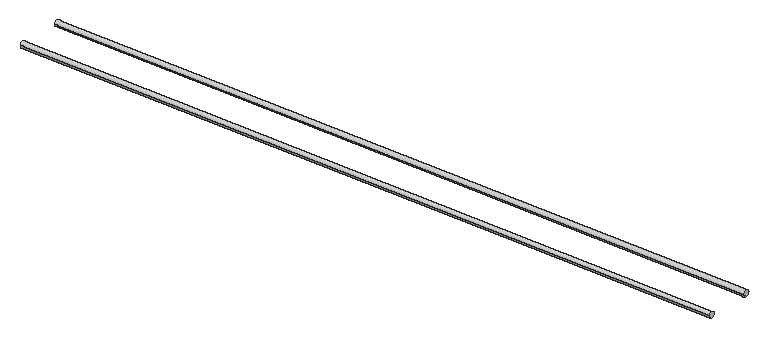
Revit family "BRU_Арматурные перемычки", category Каркас несущий, Revit 2021
Family settings
  Округление длины несущего каркаса = 0 мм
  Форма сечения = Не задано
  Материал для поведения модели = Прочее
  Всегда экспортировать в виде геометрии = Нет
  На основе рабочей плоскости = Нет
  Всегда вертикально = Да
  При загрузке вырезать с полостями = Нет
  Условное обозначение = Из семейства
  Общий = Да
  Показывать семейство разрезанным на планах = Да
Parameters (values of type "Для копирования")
  Ширина = 120 mm
  Шаг стержней = 50 mm
  Описание = "Арматурные стержни"
  Область видимости_По высоте вниз [instance] = 1200 mm
  Количество перемычек = 2
  Код по классификатору = "2.06.023.173"
  Длина = 800 mm
  Материал несущих конструкций = Сталь
  Группа модели = "Перемычка"  # constant formula
  Изготовитель = "ГОСТ 948-84 (2002)"
  ADSK_Масса = 16
  6ПР.Видимость = Количество перемычек > 5  # no
  6ПР = Перемычки_Арматура (ГОСТ 34028-2016) : А500С ∅6
  5ПР.Видимость = Количество перемычек > 4  # no
  5ПР = Перемычки_Арматура (ГОСТ 34028-2016) : А500С ∅6
  4ПР.Видимость = Количество перемычек > 3  # no
  4ПР = Перемычки_Арматура (ГОСТ 34028-2016) : А500С ∅6
  3ПР.Видимость = Количество перемычек > 2  # no
  3ПР = Перемычки_Арматура (ГОСТ 34028-2016) : А500С ∅6
  2ПР.Видимость = Количество перемычек > 1  # yes
  2ПР = Перемычки_Арматура (ГОСТ 34028-2016) : А500С ∅6
  1ПР.Видимость = Количество перемычек > 0  # yes
  1ПР = Перемычки_Арматура (ГОСТ 34028-2016) : А500С ∅6
Reference planes
  plane 1 "Center (Front/Back)": y = 0
  plane 2 "Нижняя грань": z = 0
  plane 3 "Center (Left/Right)": x = 0
  plane 4 "Левый край": x = -400
  plane 5 "Правый край": x = 400
  plane 6 "Внутренняя грань": y = -120
  plane 7: y = -60
  plane 8 "1ПР": y = -50
  plane 9 "2ПР": y = -100
  plane 10 "3ПР": y = -150
  plane 11 "4ПР": y = -200
  plane 12 "5ПР": y = -250
  plane 13 "6ПР": y = -300
Lines and regions (mm)
  model lines, style "InvisibleLines"
    curve 1: line (0, 0, 0) -> (0, 0, -1200)
Dimensions and locks
  "Ширина": plane 6 "Внутренняя грань" to plane 1 "Center (Front/Back)"
  equal spacing: plane 4 "Левый край", plane 3 "Center (Left/Right)", plane 5 "Правый край"
  "Длина": plane 4 "Левый край" to plane 5 "Правый край"
  equal spacing: plane 1 "Center (Front/Back)", plane 7, plane 6 "Внутренняя грань"
  "Область видимости_По высоте вниз": curve 1 to level
  "Шаг стержней": plane 8 "1ПР" to plane 1 "Center (Front/Back)"
  "Шаг стержней": plane 8 "1ПР" to plane 9 "2ПР"
  "Шаг стержней": plane 9 "2ПР" to plane 10 "3ПР"
  "Шаг стержней": plane 10 "3ПР" to plane 11 "4ПР"
  "Шаг стержней": plane 11 "4ПР" to plane 12 "5ПР"
  "Шаг стержней": plane 12 "5ПР" to plane 13 "6ПР"
  aligned and locked: level to plane 2 "Нижняя грань"
  aligned and locked: curve 1 to plane 3 "Center (Left/Right)"
  aligned and locked: plane 2 "Нижняя грань" to curve 1
  aligned and locked: plane 4 "Левый край" to nested 1
  aligned and locked: plane 5 "Правый край" to nested 1
  aligned and locked: nested 1 to plane 8 "1ПР"
  aligned and locked: nested 2 to plane 9 "2ПР"
  aligned and locked: nested 3 to plane 11 "4ПР"
  aligned and locked: nested 4 to plane 12 "5ПР"
  aligned and locked: nested 5 to plane 13 "6ПР"
  aligned and locked: nested 6 to plane 10 "3ПР"
  aligned and locked: plane 4 "Левый край" to nested 2
  aligned and locked: plane 4 "Левый край" to nested 6
  aligned and locked: plane 4 "Левый край" to nested 3
  aligned and locked: plane 4 "Левый край" to nested 4
  aligned and locked: plane 4 "Левый край" to nested 5
  aligned and locked: plane 5 "Правый край" to nested 5
  aligned and locked: plane 5 "Правый край" to nested 4
  aligned and locked: plane 5 "Правый край" to nested 3
  aligned and locked: plane 5 "Правый край" to nested 6
  aligned and locked: plane 5 "Правый край" to nested 2
Nested families
  nested 1: "Перемычки_Арматура (ГОСТ 34028-2016)" at (0, -50, 0), type <- "1ПР", visible <- "1ПР.Видимость", type "А500С ∅6"
    with О_Масса 0.1776 kg, О_Длина 800 mm, ADSK_Размер_Длина 800 mm
  nested 2: "Перемычки_Арматура (ГОСТ 34028-2016)" at (0, -100, 0), type <- "2ПР", visible <- "2ПР.Видимость", type "А500С ∅6"
    with О_Масса 0.1776 kg, О_Длина 800 mm, ADSK_Размер_Длина 800 mm
  nested 3: "Перемычки_Арматура (ГОСТ 34028-2016)" at (0, -200, 0), type <- "4ПР", visible <- "4ПР.Видимость", type "А500С ∅6"
    with О_Масса 0.1776 kg, О_Длина 800 mm, ADSK_Размер_Длина 800 mm
  nested 4: "Перемычки_Арматура (ГОСТ 34028-2016)" at (0, -250, 0), type <- "5ПР", visible <- "5ПР.Видимость", type "А500С ∅6"
    with О_Масса 0.1776 kg, О_Длина 800 mm, ADSK_Размер_Длина 800 mm
  nested 5: "Перемычки_Арматура (ГОСТ 34028-2016)" at (0, -300, 0), type <- "6ПР", visible <- "6ПР.Видимость", type "А500С ∅6"
    with О_Масса 0.1776 kg, О_Длина 800 mm, ADSK_Размер_Длина 800 mm
  nested 6: "Перемычки_Арматура (ГОСТ 34028-2016)" at (0, -150, 0), type <- "3ПР", visible <- "3ПР.Видимость", type "А500С ∅6"
    with О_Масса 0.1776 kg, О_Длина 800 mm, ADSK_Размер_Длина 800 mm
Definition of nested family "Перемычки_Арматура (ГОСТ 34028-2016)"
  Parameters (values of type "А500С ∅10")
    Площадь сечения = pi() * (Диаметр ^ 2) / 4  # 0.00007854 m²
    Description = ""
    О_Примечание = ""
    О_Обозначение = "ГОСТ 34028-2016"  # constant formula
    О_Наименование = "А500С ∅10"
    О_Масса [instance] = Масса 1 м профиля * О_Длина  # 0.7404 kg
    О_Длина [instance] = 1200 mm
    Масса 1 м профиля = 0.617 kg/m
    Type Comments = "Арматурные стержни"  # constant formula
    Assembly Code = ""
    Диаметр условного обозначения = if(Диаметр < 20 mm, 20 mm, Диаметр)  # 20 mm
    Диаметр = 10 mm
    Model = "Элементы перемычек"  # constant formula
    ADSK_Размер_Длина [instance] = О_Длина  # 1200 mm
  Types (14, lengths in mm): name | Площадь сечения | Description | О_Наименование | О_Масса | Масса 1 м профиля | Диаметр условного обозначения | Диаметр
    А500С ∅6 | 0.000028274 m² | "6-АIII" | "А500С ∅6" | 0.2664 kg | 0.222 kg/m | 20 | 6
    А500С ∅8 | 0.000050265 m² | "8-АIII" | "А500С ∅8" | 0.474 kg | 0.395 kg/m | 20 | 8
    А500С ∅10 | 0.00007854 m² | "" | "А500С ∅10" | 0.7404 kg | 0.617 kg/m | 20 | 10
    А500С ∅12 | 0.000113097 m² | "" | "А500С ∅12" | 1.0656 kg | 0.888 kg/m | 20 | 12
    А500С ∅14 | 0.000153938 m² | "14-АIII" | "А500С ∅14" | 1.4496 kg | 1.208 kg/m | 20 | 14
    А500С ∅16 | 0.000201062 m² | "16-АIII" | "А500С ∅16" | 1.8936 kg | 1.578 kg/m | 20 | 16
    А500С ∅18 | 0.000254469 m² | "18-АIII" | "А500С ∅18" | 2.3976 kg | 1.998 kg/m | 20 | 18
    А500С ∅20 | 0.000314159 m² | "20-АIII" | "А500С ∅20" | 2.9592 kg | 2.466 kg/m | 20 | 20
    А500С ∅22 | 0.000380133 m² | "22-АIII" | "А500С ∅22" | 3.5808 kg | 2.984 kg/m | 22 | 22
    А500С ∅25 | 0.000490874 m² | "25-АIII" | "А500С ∅25" | 4.6236 kg | 3.853 kg/m | 25 | 25
    А500С ∅28 | 0.000615752 m² | "28-АIII" | "А500С ∅28" | 5.8008 kg | 4.834 kg/m | 28 | 28
    А500С ∅32 | 0.000804248 m² | "32-АIII" | "А500С ∅32" | 7.5756 kg | 6.313 kg/m | 32 | 32
    А500С ∅36 | 0.00101788 m² | "36-АIII" | "А500С ∅36" | 9.588 kg | 7.99 kg/m | 36 | 36
    А500С ∅40 | 0.00125664 m² | "40-АIII" | "А500С ∅40" | 11.838 kg | 9.865 kg/m | 40 | 40
  Reference planes
    plane 1 "По центру (Вперед/Назад)": y = 0
    plane 2: z = 5
    plane 3 "По центру (Влево/Вправо)": x = 0
    plane 4: x = -600
    plane 5: x = 600
    plane 6: z = 10
    plane 7: z = 0
    plane 8: y = 5
    plane 9: y = -5
  Forms (mm)
    Extrusion 1, solid
      sketch origin (0, 0, 30) x (0, 1, 0) y (0, 0, 1)
        loop
          circle (0, -25) r 5
      from -600 to 600
  Dimensions and locks
    equal spacing: plane 4, plane 3 "По центру (Влево/Вправо)", plane 5
    "О_Длина": plane 4 to plane 5
    "Диаметр": plane 6 to plane 7
    equal spacing: plane 8, plane 1 "По центру (Вперед/Назад)", plane 9
    "Диаметр": plane 8 to plane 9
    equal spacing: plane 6, plane 2, plane 7
    "Диаметр": diameter of Extrusion 1 sketch curve
    aligned and locked: plane 1 "По центру (Вперед/Назад)" to Extrusion 1 sketch curve
    aligned and locked: Extrusion 1 to plane 4
    aligned and locked: plane 5 to Extrusion 1
    aligned and locked: level to plane 7
    aligned and locked: nested 1 to plane 1 "По центру (Вперед/Назад)"
    aligned and locked: plane 7 to nested 1
  Automatic sketch dimensions
    Extrusion 1 sketch curve to plane 2 = 0 mm
  Nested families
    nested 1: "Черный-Элементы узлов" at (0, 0, 10) x (0, 1, 0) z (1, 0, 0), Диаметр <- "Диаметр условного обозначения", type "Черный-Элементы узлов", detail levels fine
      with Радиус 10 mm, Диаметр 20 mm
  Definition of nested family "Черный-Элементы узлов"
    Parameters (values of type "Черный-Элементы узлов")
      Радиус [instance] = Диаметр / 2  # 120 mm
      Диаметр [instance] = 240 mm
    Reference planes
      plane 1 "По центру (Вперед/Назад)": y = 0
      plane 2: z = 0
      plane 3 "По центру (Влево/Вправо)": x = 0
      plane 4: y = 120
      plane 5: y = -120
      plane 6: x = -120
      plane 7: x = 120
    Lines and regions (mm)
      Filled region 1, type "Сплошная заливка - Черный", in view "Опорный уровень"
        outline origin (0, 0, 0) x (1, 0, 0) y (0, 1, 0)
          loop
            circle (0, 0) r 120
    Dimensions and locks
      equal spacing: plane 4, plane 1 "По центру (Вперед/Назад)", plane 5
      "Диаметр": plane 4 to plane 5
      equal spacing: plane 6, plane 3 "По центру (Влево/Вправо)", plane 7
      "Диаметр": plane 6 to plane 7
      "Радиус": radius of Filled region 1 sketch curve
      aligned and locked: plane 3 "По центру (Влево/Вправо)" to Filled region 1 sketch curve
      aligned and locked: plane 1 "По центру (Вперед/Назад)" to Filled region 1 sketch curve
